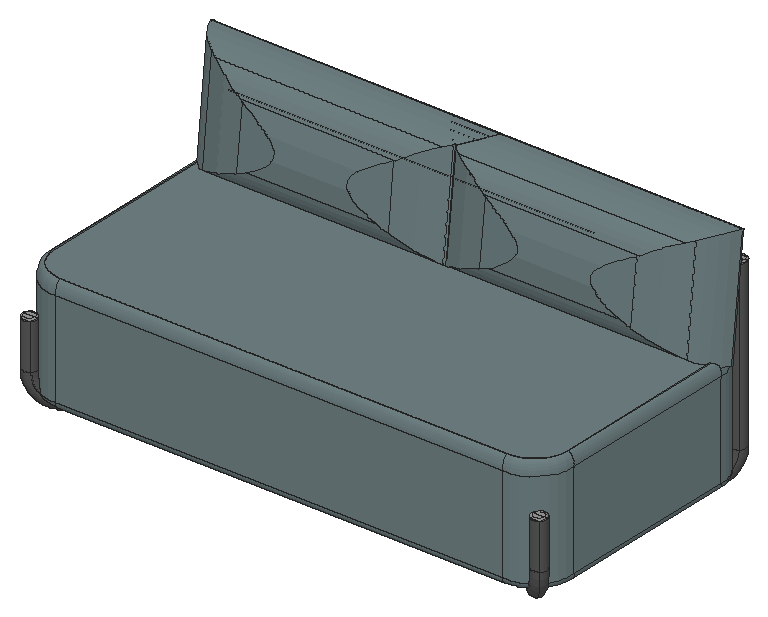
Revit family "FU_Modular_Sandler_Cosmo 1506", category Furniture, Revit 2020
Family settings
  OmniClass Number = 23.40.20.00
  OmniClass Title = General Furniture and Specialties
  Work Plane-Based = No
  Always vertical = Yes
  Cut with Voids When Loaded = No
  Shared = No
  Room Calculation Point = No
Parameters (values of type "Cosmo 1506")
  Width = 1740 mm
  URL = "https://www.sandlerseating.com/product/cosmo-1506/"
  Seat [instance] = Fabric - X2 - Polygon AK002
  Model = "Cosmo 1506"
  Manufacturer = "Sandler"
  Height = 800 mm
  Frame [instance] = Metal - Paint -AL VR - Matt Jet Black
  Description = "Loveseat without armrests. Uphsoltered seat and backrest, exposed steel frame. Can be used individually or linked with other Cosmo elements as modular seating."
  Depth = 880 mm
  Default Elevation = 0 mm
Reference planes
  plane 1 "Center (Front/Back)": y = 0
  plane 2: z = 0
  plane 3 "Center (Left/Right)": x = 0
  plane 4 "Right": x = -870
  plane 5 "Left": x = 870
  plane 6 "Back": y = 440
  plane 7 "Front": y = -440
  plane 8 "Height": z = 800
  plane 9 "Seat height": z = 440
  plane 10 "Frame Base C RIGHT": z = 33.282
  plane 11 "Frame Front C RIGHT": y = -414.45
  plane 12 "Frame Back C RIGHT": y = 415.775
  plane 13 "Frame Left C FRONT": x = 845.501
  plane 14 "Frame Back Left C TOP": through (524.563, 94.979, 1200) normal (-0.7071, 0.7071, 0)
  plane 15 "Frame Front Left C TOP": through (524.497, -93.945, 1200) normal (0.7071, 0.7071, 0)
  plane 16 "Frame Right C FRONT": x = -845.501
  plane 17 "Frame Back Right C TOP": through (-524.563, 94.979, 1200) normal (-0.7071, -0.7071, 0)
  plane 18 "Frame Front Right C TOP": through (-524.497, -93.945, 1200) normal (0.7071, -0.7071, 0)
  plane 19: x = 430.068
  plane 20 "Frame Left C FRONT": x = 530.501
  plane 21 "Frame Back Left C TOP": through (209.563, 94.979, 1200) normal (-0.7071, 0.7071, 0)
  plane 22 "Frame Front Left C TOP": through (209.497, -93.945, 1200) normal (0.7071, 0.7071, 0)
  plane 23: x = 115.068
  plane 24: x = -430.068
  plane 25 "Frame Right C FRONT": x = -530.501
  plane 26 "Frame Back Right C TOP": through (-209.563, 94.979, 1200) normal (-0.7071, -0.7071, 0)
  plane 27 "Frame Front Right C TOP": through (-209.497, -93.945, 1200) normal (0.7071, -0.7071, 0)
  plane 28: x = -115.068
  plane 29: z = 290
Forms (mm)
  Sweep 1, solid, material "Metal - Paint -AL VR - Matt Jet Black" <- "Frame"
    path origin (0, 0, 33.282) x (0, -1, 0) y (1, 0, 0)
      loop
        line (319.706, 750.757) -> (73.771, 504.822)
        arc (73.771, 504.822) -> (-0.733, 473.961) -> (-75.238, 504.822) r 105.365
        line (-75.238, 504.822) -> (-321.173, 750.757)
    profile "Pro_Circles : 48mm" origin (627.789, -196.738, 33.282) x (-0.707107, -0.707107, 0) y (0, 0, 1)
      loop
        arc (-23.967, 0.067) -> (-17.014, -16.92) -> (-0.066, -23.967) r 23.901
        arc (-0.066, -23.967) -> (16.967, -16.967) -> (23.967, 0.067) r 23.901
        arc (23.967, 0.067) -> (16.92, 17.014) -> (-0.067, 23.967) r 23.9
        arc (-0.067, 23.967) -> (-16.966, 16.966) -> (-23.967, 0.067) r 23.9
  Sweep 2, solid, material "Metal - Paint -AL VR - Matt Jet Black" <- "Frame"
    path origin (215.276, 215.276, 0) x (-0.707107, 0.707107, 0) y (0, 0, 1)
      loop
        line (-754.976, 33.282) -> (-784.976, 33.282)
        arc (-784.976, 33.282) -> (-859.222, 64.036) -> (-889.976, 138.282) r 105
        line (-889.976, 138.282) -> (-889.976, 290)
    profile "Pro_Circles : 48mm" origin (759.731, -329.179, 33.282) x (0, 0, -1) y (0.707107, 0.707107, 0)
      loop
        arc (-23.967, 0.067) -> (-17.014, -16.92) -> (-0.066, -23.967) r 23.901
        arc (-0.066, -23.967) -> (16.967, -16.967) -> (23.967, 0.067) r 23.901
        arc (23.967, 0.067) -> (16.92, 17.014) -> (-0.067, 23.967) r 23.9
        arc (-0.067, 23.967) -> (-16.966, 16.966) -> (-23.967, 0.067) r 23.9
  Sweep 3, solid, material "Metal - Paint -AL VR - Matt Jet Black" <- "Frame"
    path origin (214.792, -214.792, 0) x (-0.707107, -0.707107, 0) y (0, 0, 1)
      loop
        line (-889.976, 691) -> (-889.976, 138.282)
        arc (-889.976, 138.282) -> (-859.222, 64.036) -> (-784.976, 33.282) r 105
        line (-784.976, 33.282) -> (-754.976, 33.282)
    profile "Pro_Circles : 48mm" origin (844.1, 414.516, 414.641) x (-0.707107, -0.707107, 0) y (-0.707107, 0.707107, 0)
      loop
        arc (23.967, 0.067) -> (16.966, 16.966) -> (0.067, 23.967) r 23.9
        arc (0.067, 23.967) -> (-16.92, 17.014) -> (-23.967, 0.067) r 23.9
        arc (-23.967, 0.067) -> (-16.967, -16.967) -> (0.066, -23.967) r 23.901
        arc (0.066, -23.967) -> (17.014, -16.92) -> (23.967, 0.067) r 23.901
  Sweep 4, solid, material "Metal - Paint -AL VR - Matt Jet Black" <- "Frame"
    path origin (0, 0, 33.282) x (0, -1, 0) y (-1, 0, 0)
      loop
        line (319.955, 750.508) -> (74.02, 504.573)
        arc (74.02, 504.573) -> (-0.484, 473.712) -> (-74.988, 504.573) r 105.365
        line (-74.988, 504.573) -> (-321.173, 750.757)
    profile "Pro_Circles : 48mm" origin (-627.54, -196.988, 33.282) x (-0.707107, 0.707107, 0) y (0, 0, 1)
      loop
        arc (23.967, 0.067) -> (16.966, 16.966) -> (0.067, 23.967) r 23.9
        arc (0.067, 23.967) -> (-16.92, 17.014) -> (-23.967, 0.067) r 23.9
        arc (-23.967, 0.067) -> (-16.967, -16.967) -> (0.066, -23.967) r 23.901
        arc (0.066, -23.967) -> (17.014, -16.92) -> (23.967, 0.067) r 23.901
  Sweep 5, solid, material "Metal - Paint -AL VR - Matt Jet Black" <- "Frame"
    path origin (-530.47, -99.918, 0) x (0.707107, 0.707107, 0) y (0, 0, 1)
      loop
        line (-309.498, 33.282) -> (-339.498, 33.282)
        arc (-339.498, 33.282) -> (-413.745, 64.036) -> (-444.498, 138.282) r 105
        line (-444.498, 138.282) -> (-444.498, 290)
    profile "Pro_Circles : 48mm" origin (-759.925, -329.373, 33.282) x (0, 0, 1) y (-0.707107, 0.707107, 0)
      loop
        arc (23.967, 0.067) -> (16.966, 16.966) -> (0.067, 23.967) r 23.9
        arc (0.067, 23.967) -> (-16.92, 17.014) -> (-23.967, 0.067) r 23.9
        arc (-23.967, 0.067) -> (-16.967, -16.967) -> (0.066, -23.967) r 23.901
        arc (0.066, -23.967) -> (17.014, -16.92) -> (23.967, 0.067) r 23.901
  Sweep 6, solid, material "Metal - Paint -AL VR - Matt Jet Black" <- "Frame"
    path origin (-529.587, 100.003, 0) x (0.707107, -0.707107, 0) y (0, 0, 1)
      loop
        line (-444.498, 691) -> (-444.498, 138.282)
        arc (-444.498, 138.282) -> (-413.745, 64.036) -> (-339.498, 33.282) r 105
        line (-339.498, 33.282) -> (-309.498, 33.282)
    profile "Pro_Circles : 48mm" origin (-843.895, 414.31, 414.641) x (-0.707107, 0.707107, 0) y (0.707107, 0.707107, 0)
      loop
        arc (-23.967, 0.067) -> (-17.014, -16.92) -> (-0.066, -23.967) r 23.901
        arc (-0.066, -23.967) -> (16.967, -16.967) -> (23.967, 0.067) r 23.901
        arc (23.967, 0.067) -> (16.92, 17.014) -> (-0.067, 23.967) r 23.9
        arc (-0.067, 23.967) -> (-16.966, 16.966) -> (-23.967, 0.067) r 23.9
  Sweep 7, solid, material "Metal - Paint -AL VR - Matt Jet Black" <- "Frame"
    path origin (0, 415.775, 0) x (0, 0, 1) y (1, 0, 0)
      loop
        line (667.39, -845.832) -> (667.39, 845.168)
    profile "Pro_Cosmo_Oval Tube : Pro_Cosmo_Oval Tube" origin (-0.332, 415.775, 667.39) x (0, 0, -1) y (0, 1, 0)
      loop
        arc (-10.07, 10) -> (-20.07, 0) -> (-10.07, -10) r 10
        line (-10.07, -10) -> (10.07, -10)
        arc (10.07, -10) -> (20.07, 0) -> (10.07, 10) r 10
        line (10.07, 10) -> (-10.07, 10)
  Sweep 8, solid, material "Metal - Paint -AL VR - Matt Jet Black" <- "Frame"
    path origin (0, 415.775, 0) x (0, 0, 1) y (1, 0, 0)
      loop
        line (619.39, -845.832) -> (619.39, 845.168)
    profile "Pro_Cosmo_Oval Tube : Pro_Cosmo_Oval Tube" origin (-0.332, 415.775, 619.39) x (0, 0, -1) y (0, 1, 0)
      loop
        arc (-10.07, 10) -> (-20.07, 0) -> (-10.07, -10) r 10
        line (-10.07, -10) -> (10.07, -10)
        arc (10.07, -10) -> (20.07, 0) -> (10.07, 10) r 10
        line (10.07, 10) -> (-10.07, 10)
  Sweep 9, solid, material "Metal - Paint -AL VR - Matt Jet Black" <- "Frame"
    path origin (-89.235, 440, 0) x (-1, 0, 0) y (0, 0, 1)
      loop
        line (649, 643.39) -> (-14.693, 643.39)
    profile "Pro_Circles : 20mm" origin (-406.388, 440, 643.39) x (0, 0, -1) y (0, 1, 0)
      loop
        arc (-9.967, -5.933) -> (-7.115, -13.02) -> (-0.067, -15.967) r 9.901
        arc (-0.067, -15.967) -> (7.068, -13.068) -> (9.967, -5.933) r 9.901
        arc (9.967, -5.933) -> (7.02, 1.115) -> (-0.067, 3.967) r 9.901
        arc (-0.067, 3.967) -> (-7.067, 1.067) -> (-9.967, -5.933) r 9.9
  Sweep 10, solid, material "Metal - Paint -AL VR - Matt Jet Black" <- "Frame"
    path origin (-716.516, 415.775, 0) x (0, 0, 1) y (1, 0, 0)
      loop
        line (643.39, 640.957) -> (643.39, 648.957)
    profile "Pro_Circles : 24mm" origin (-71.559, 415.775, 643.39) x (0, 0, -1) y (0, 1, 0)
      loop
        arc (-11.967, 18.567) -> (-8.529, 10.066) -> (-0.067, 6.533) r 11.901
        arc (-0.067, 6.533) -> (8.482, 10.018) -> (11.967, 18.567) r 11.901
        arc (11.967, 18.567) -> (8.434, 27.029) -> (-0.067, 30.467) r 11.901
        arc (-0.067, 30.467) -> (-8.481, 26.981) -> (-11.967, 18.567) r 11.9
  Sweep 11, solid, material "Metal - Paint -AL VR - Matt Jet Black" <- "Frame"
    path origin (-90.602, 415.775, 0) x (0, 0, 1) y (-1, 0, 0)
      loop
        line (643.39, 640.957) -> (643.39, 648.957)
    profile "Pro_Circles : 24mm" origin (-735.559, 415.775, 643.39) x (0, 0, 1) y (0, 1, 0)
      loop
        arc (11.967, 18.567) -> (8.481, 26.981) -> (0.067, 30.467) r 11.9
        arc (0.067, 30.467) -> (-8.434, 27.029) -> (-11.967, 18.567) r 11.901
        arc (-11.967, 18.567) -> (-8.482, 10.018) -> (0.067, 6.533) r 11.901
        arc (0.067, 6.533) -> (8.529, 10.066) -> (11.967, 18.567) r 11.901
  Revolve 12, solid, material "Rubber, Black"
    sketch origin (-0.781, -414.45, -400.39) x (0, 0, -1) y (1, 0, 0)
      loop
        line (-695.421, 845.33) -> (-695.421, 826.266)
        arc (-695.421, 826.266) -> (-694.22, 823.04) -> (-691.201, 821.385) r 4.933
        arc (-691.201, 821.385) -> (-690.636, 821.55) -> (-690.39, 822.086) r 0.708
        line (-690.39, 822.086) -> (-690.39, 823.836) -> (-685.421, 823.836) -> (-685.421, 845.33) -> (-695.421, 845.33)
      axis (-695.421, 845.33) -> (-685.421, 845.33)
    angle from 0 to 360
  Revolve 13, solid, material "Rubber, Black"
    sketch origin (0.781, -414.45, -400.39) x (0, 0, -1) y (-1, 0, 0)
      loop
        line (-695.421, 845.33) -> (-695.421, 826.266)
        arc (-695.421, 826.266) -> (-694.22, 823.04) -> (-691.201, 821.385) r 4.933
        arc (-691.201, 821.385) -> (-690.636, 821.55) -> (-690.39, 822.086) r 0.708
        line (-690.39, 822.086) -> (-690.39, 823.836) -> (-685.421, 823.836) -> (-685.421, 845.33) -> (-695.421, 845.33)
      axis (-695.421, 845.33) -> (-685.421, 845.33)
    angle from 0 to 360
  Revolve 14, solid, material "Rubber, Black"
    sketch origin (-0.781, 414.001, 0) x (0, 0, -1) y (-1, 0, 0)
      loop
        line (-695.421, -845.33) -> (-685.421, -845.33) -> (-685.421, -823.836) -> (-690.39, -823.836) -> (-690.39, -822.086)
        arc (-690.39, -822.086) -> (-690.636, -821.55) -> (-691.201, -821.385) r 0.708
        arc (-691.201, -821.385) -> (-694.22, -823.04) -> (-695.421, -826.266) r 4.933
        line (-695.421, -826.266) -> (-695.421, -845.33)
      axis (-695.421, -845.33) -> (-685.421, -845.33)
    angle from 0 to 360
  Revolve 15, solid, material "Rubber, Black"
    sketch origin (0.781, 414.001, 0) x (0, 0, -1) y (-1, 0, 0)
      loop
        line (-695.421, 845.33) -> (-695.421, 826.266)
        arc (-695.421, 826.266) -> (-694.22, 823.04) -> (-691.201, 821.385) r 4.933
        arc (-691.201, 821.385) -> (-690.636, 821.55) -> (-690.39, 822.086) r 0.708
        line (-690.39, 822.086) -> (-690.39, 823.836) -> (-685.421, 823.836) -> (-685.421, 845.33) -> (-695.421, 845.33)
      axis (-695.421, 845.33) -> (-685.421, 845.33)
    angle from 0 to 360
  Extrusion 16, solid, material "Rubber, Black"
    sketch origin (0, 0, 0) x (1, 0, 0) y (0, 1, 0)
      loop
        circle (699.746, 270.162) r 12.5
    from 0 to 33.282
  Extrusion 17, solid, material "Rubber, Black"
    sketch origin (0, 0, 0) x (1, 0, 0) y (0, 1, 0)
      loop
        circle (699.746, -270.162) r 12.5
    from 0 to 33.282
  Extrusion 18, solid, material "Rubber, Black"
    sketch origin (0, 0, 0) x (-1, 0, 0) y (0, -1, 0)
      loop
        circle (699.746, -270.162) r 12.5
    from 0 to 33.282
  Extrusion 19, solid, material "Rubber, Black"
    sketch origin (0, 0, 0) x (-1, 0, 0) y (0, -1, 0)
      loop
        circle (699.746, 270.162) r 12.5
    from 0 to 33.282
  Extrusion 20, solid, material "Fabric - X2 - Polygon AK002" <- "Seat"
    sketch origin (0, 0, 33.282) x (0, -1, 0) y (1, 0, 0)
      loop
        arc (-415.775, -740.667) -> (-383.557, -818.448) -> (-305.775, -850.667) r 110
        line (-305.775, -850.667) -> (304.45, -850.667)
        arc (304.45, -850.667) -> (382.232, -818.448) -> (414.45, -740.667) r 110
        line (414.45, -740.667) -> (414.45, 740.667)
        arc (414.45, 740.667) -> (382.232, 818.448) -> (304.45, 850.667) r 110
        line (304.45, 850.667) -> (-305.775, 850.667)
        arc (-305.775, 850.667) -> (-383.557, 818.448) -> (-415.775, 740.667) r 110
        line (-415.775, 740.667) -> (-415.775, -740.667)
    from 25.7 to 406.718
  Sweep 21, solid, material "Fabric - X2 - Polygon AK002" <- "Seat"
    path in 3D
      loop
        arc (-850.667, -304.45, 440) -> (-818.448, -382.232, 440) -> (-740.667, -414.45, 440) r 110
        line (-740.667, -414.45, 440) -> (740.667, -414.45, 440)
        arc (740.667, -414.45, 440) -> (818.448, -382.232, 440) -> (850.667, -304.45, 440) r 110
        line (850.667, -304.45, 440) -> (850.667, 305.775, 440)
        arc (850.667, 305.775, 440) -> (818.448, 383.557, 440) -> (740.667, 415.775, 440) r 110
        line (740.667, 415.775, 440) -> (-740.667, 415.775, 440)
        arc (-740.667, 415.775, 440) -> (-818.448, 383.557, 440) -> (-850.667, 305.775, 440) r 110
        line (-850.667, 305.775, 440) -> (-850.667, -304.45, 440)
    profile "Pro_Cosmo_SeatEdge : Pro_Cosmo_SeatEdge" origin (-850.667, 0.662, 440) x (1, 0, 0) y (0, 0, 1)
      loop
        line (-21, -42) -> (-21, -360)
        arc (-21, -360) -> (-14.849, -374.849) -> (0, -381) r 21
        line (0, -381) -> (0, 0)
        spline (0, 0) -> (-2.741, -0.359) -> (-5.435, -1.431) -> (-8.036, -3.197) -> (-10.5, -5.627) -> (-12.784, -8.679) -> (-14.849, -12.302) -> (-16.66, -16.432) -> (-18.187, -21) -> (-19.401, -25.927) -> (-20.284, -31.13) -> (-20.82, -36.518) -> (-21, -42)
  Sweep 22, solid, material "Metal - Paint -AL VR - Matt Jet Black" <- "Frame"
    path origin (89.408, 440, 0) x (1, 0, 0) y (0, 0, 1)
      loop
        line (649, 643.39) -> (-14.693, 643.39)
    profile "Pro_Circles : 20mm" origin (406.562, 440, 643.39) x (0, 0, 1) y (0, 1, 0)
      loop
        arc (9.967, -5.933) -> (7.067, 1.067) -> (0.067, 3.967) r 9.9
        arc (0.067, 3.967) -> (-7.02, 1.115) -> (-9.967, -5.933) r 9.901
        arc (-9.967, -5.933) -> (-7.068, -13.068) -> (0.067, -15.967) r 9.901
        arc (0.067, -15.967) -> (7.115, -13.02) -> (9.967, -5.933) r 9.901
  Sweep 23, solid, material "Metal - Paint -AL VR - Matt Jet Black" <- "Frame"
    path origin (716.69, 415.775, 0) x (0, 0, 1) y (-1, 0, 0)
      loop
        line (643.39, 640.957) -> (643.39, 648.957)
    profile "Pro_Circles : 24mm" origin (71.733, 415.775, 643.39) x (0, 0, 1) y (0, 1, 0)
      loop
        arc (11.967, 18.567) -> (8.481, 26.981) -> (0.067, 30.467) r 11.9
        arc (0.067, 30.467) -> (-8.434, 27.029) -> (-11.967, 18.567) r 11.901
        arc (-11.967, 18.567) -> (-8.482, 10.018) -> (0.067, 6.533) r 11.901
        arc (0.067, 6.533) -> (8.529, 10.066) -> (11.967, 18.567) r 11.901
  Sweep 24, solid, material "Metal - Paint -AL VR - Matt Jet Black" <- "Frame"
    path origin (90.776, 415.775, 0) x (0, 0, 1) y (1, 0, 0)
      loop
        line (643.39, 640.957) -> (643.39, 648.957)
    profile "Pro_Circles : 24mm" origin (735.733, 415.775, 643.39) x (0, 0, -1) y (0, 1, 0)
      loop
        arc (-11.967, 18.567) -> (-8.529, 10.066) -> (-0.067, 6.533) r 11.901
        arc (-0.067, 6.533) -> (8.482, 10.018) -> (11.967, 18.567) r 11.901
        arc (11.967, 18.567) -> (8.434, 27.029) -> (-0.067, 30.467) r 11.901
        arc (-0.067, 30.467) -> (-8.481, 26.981) -> (-11.967, 18.567) r 11.9
Cuts and joins
  joined: Sweep 9, Sweep 10, Sweep 11
Lines and regions (mm)
  sketch lines
    curve 1: line (-850.667, 305.775, 440) -> (-850.667, -304.45, 440)
    curve 2: arc (-740.667, -414.45, 440) -> (-818.448, -382.232, 440) -> (-850.667, -304.45, 440) r 110
    curve 3: line (-740.667, -414.45, 440) -> (740.667, -414.45, 440)
    curve 4: arc (850.667, -304.45, 440) -> (818.448, -382.232, 440) -> (740.667, -414.45, 440) r 110
    curve 5: line (850.667, -304.45, 440) -> (850.667, 305.775, 440)
    curve 6: arc (740.667, 415.775, 440) -> (818.448, 383.557, 440) -> (850.667, 305.775, 440) r 110
    curve 7: line (740.667, 415.775, 440) -> (-740.667, 415.775, 440)
    curve 8: arc (-850.667, 305.775, 440) -> (-818.448, 383.557, 440) -> (-740.667, 415.775, 440) r 110
Dimensions and locks
  equal spacing: plane 4 "Right", plane 3 "Center (Left/Right)", plane 5 "Left"
  "Width": plane 4 "Right" to plane 5 "Left"
  equal spacing: plane 6 "Back", plane 1 "Center (Front/Back)", plane 7 "Front"
  "Depth": plane 6 "Back" to plane 7 "Front"
  "Height": plane 8 "Height" to level
  plane 9 "Seat height" to level = 440 mm
  locked: plane 4 "Right" to plane 16 "Frame Right C FRONT" at 24.499
  locked: plane 13 "Frame Left C FRONT" to plane 5 "Left" at 24.499
  locked: plane 19 to plane 13 "Frame Left C FRONT" at 415.433
  locked: plane 16 "Frame Right C FRONT" to plane 24 at 415.433
  aligned and locked: level to plane 2
  aligned and locked: Sweep 4 sketch curve to plane 18 "Frame Front Right C TOP"
  aligned and locked: Sweep 4 sketch curve to plane 17 "Frame Back Right C TOP"
Automatic sketch dimensions
  Sweep 1 sketch curve to plane 14 "Frame Back Left C TOP" = 0 mm  (x2)
  plane 19 to Sweep 1 sketch curve = 74.754 mm
  Sweep 1 sketch curve to plane 1 "Center (Front/Back)" = 0.733 mm
  plane 1 "Center (Front/Back)" to Sweep 1 sketch curve = 73.771 mm
  Sweep 1 sketch curve to Sweep 1 sketch curve = 74.504 mm
  Sweep 1 sketch curve to plane 12 "Frame Back C RIGHT" = 94.602 mm
  Sweep 1 sketch curve to plane 11 "Frame Front C RIGHT" = 94.744 mm
  Sweep 1 sketch curve to plane 13 "Frame Left C FRONT" = 94.744 mm
  plane 10 "Frame Base C RIGHT" to Sweep 3 sketch curve = 0 mm
  plane 10 "Frame Base C RIGHT" to Sweep 3 sketch curve = 105 mm
  plane 15 "Frame Front Left C TOP" to Sweep 3 sketch curve = 585.529 mm
  Sweep 3 sketch curve to Sweep 3 sketch curve = 30 mm
  Sweep 3 sketch curve to plane 8 "Height" = 109 mm
  plane 24 to Sweep 4 sketch curve = 74.504 mm
  Sweep 4 sketch curve to plane 1 "Center (Front/Back)" = 74.02 mm
  Sweep 4 sketch curve to Sweep 4 sketch curve = 74.504 mm
  plane 12 "Frame Back C RIGHT" to Sweep 4 sketch curve = 94.602 mm
  plane 11 "Frame Front C RIGHT" to Sweep 4 sketch curve = 94.495 mm
  plane 10 "Frame Base C RIGHT" to Sweep 6 sketch curve = 0 mm
  Sweep 6 sketch curve to plane 10 "Frame Base C RIGHT" = 105 mm
  Sweep 6 sketch curve to plane 18 "Frame Front Right C TOP" = 585.239 mm
  Sweep 6 sketch curve to Sweep 6 sketch curve = 30 mm
  plane 8 "Height" to Sweep 6 sketch curve = 109 mm
  Sweep 7 sketch curve to plane 13 "Frame Left C FRONT" = 0.333 mm
  Sweep 7 sketch curve to plane 8 "Height" = 132.61 mm
  plane 16 "Frame Right C FRONT" to Sweep 7 sketch curve = 0.331 mm
  Sweep 8 sketch curve to plane 13 "Frame Left C FRONT" = 0.333 mm
  plane 9 "Seat height" to Sweep 8 sketch curve = 179.39 mm
  plane 16 "Frame Right C FRONT" to Sweep 8 sketch curve = 0.331 mm
  Sweep 9 sketch curve to plane 3 "Center (Left/Right)" = 74.542 mm
  Sweep 9 sketch curve to plane 8 "Height" = 156.61 mm
  Sweep 9 sketch curve to plane 16 "Frame Right C FRONT" = 107.266 mm
  Sweep 10 sketch curve to plane 3 "Center (Left/Right)" = 67.559 mm
  Sweep 10 sketch curve to plane 8 "Height" = 156.61 mm
  Sweep 10 sketch curve to Sweep 10 sketch curve = 8 mm
  plane 8 "Height" to Sweep 11 sketch curve = 156.61 mm
  plane 16 "Frame Right C FRONT" to Sweep 11 sketch curve = 113.942 mm
  Sweep 11 sketch curve to Sweep 11 sketch curve = 8 mm
  Revolve 12 sketch curve to plane 13 "Frame Left C FRONT" = 0.952 mm  (x2)
  Revolve 12 sketch curve to plane 8 "Height" = 504.97 mm
  Revolve 12 sketch curve to Revolve 12 sketch curve = 4.322 mm
  Revolve 12 sketch curve to Revolve 12 sketch curve = 0.611 mm
  Revolve 12 sketch curve to Revolve 12 sketch curve = 0.708 mm
  Revolve 12 sketch curve to Revolve 12 sketch curve = 4.97 mm
  Revolve 12 sketch curve to Revolve 12 sketch curve = 19.065 mm
  Revolve 12 sketch curve to Revolve 12 sketch curve = 2.43 mm
  Revolve 12 sketch curve to Revolve 12 sketch curve = 1.75 mm
  Revolve 12 sketch curve to Revolve 12 sketch curve = 7.372 mm
  Revolve 12 sketch curve to Revolve 12 sketch curve = 19.192 mm
  plane 16 "Frame Right C FRONT" to Revolve 13 sketch curve = 0.952 mm  (x2)
  plane 8 "Height" to Revolve 13 sketch curve = 504.97 mm
  Revolve 13 sketch curve to Revolve 13 sketch curve = 4.322 mm
  Revolve 13 sketch curve to Revolve 13 sketch curve = 0.611 mm
  Revolve 13 sketch curve to Revolve 13 sketch curve = 0.708 mm
  Revolve 13 sketch curve to Revolve 13 sketch curve = 4.97 mm
  Revolve 13 sketch curve to Revolve 13 sketch curve = 19.065 mm
  Revolve 13 sketch curve to Revolve 13 sketch curve = 2.43 mm
  Revolve 13 sketch curve to Revolve 13 sketch curve = 1.75 mm
  Revolve 13 sketch curve to Revolve 13 sketch curve = 7.372 mm
  Revolve 13 sketch curve to Revolve 13 sketch curve = 19.192 mm
  Revolve 14 sketch curve to plane 13 "Frame Left C FRONT" = 0.952 mm  (x2)
  Revolve 14 sketch curve to plane 8 "Height" = 104.579 mm
  Revolve 14 sketch curve to Revolve 14 sketch curve = 4.322 mm
  Revolve 14 sketch curve to Revolve 14 sketch curve = 0.611 mm
  Revolve 14 sketch curve to Revolve 14 sketch curve = 0.708 mm
  Revolve 14 sketch curve to Revolve 14 sketch curve = 4.97 mm
  Revolve 14 sketch curve to Revolve 14 sketch curve = 19.065 mm
  Revolve 14 sketch curve to Revolve 14 sketch curve = 2.43 mm
  Revolve 14 sketch curve to Revolve 14 sketch curve = 1.75 mm
  Revolve 14 sketch curve to Revolve 14 sketch curve = 7.372 mm
  Revolve 14 sketch curve to Revolve 14 sketch curve = 19.192 mm
  Revolve 15 sketch curve to plane 16 "Frame Right C FRONT" = 0.952 mm  (x2)
  Revolve 15 sketch curve to plane 8 "Height" = 104.579 mm
  Revolve 15 sketch curve to Revolve 15 sketch curve = 4.322 mm
  Revolve 15 sketch curve to Revolve 15 sketch curve = 0.611 mm
  Revolve 15 sketch curve to Revolve 15 sketch curve = 0.708 mm
  Revolve 15 sketch curve to Revolve 15 sketch curve = 4.97 mm
  Revolve 15 sketch curve to Revolve 15 sketch curve = 19.065 mm
  Revolve 15 sketch curve to Revolve 15 sketch curve = 2.43 mm
  Revolve 15 sketch curve to Revolve 15 sketch curve = 1.75 mm
  Revolve 15 sketch curve to Revolve 15 sketch curve = 7.372 mm
  Revolve 15 sketch curve to Revolve 15 sketch curve = 19.192 mm
  Extrusion 16 sketch curve to plane 14 "Frame Back Left C TOP" = 0 mm
  Extrusion 16 sketch curve to plane 12 "Frame Back C RIGHT" = 145.613 mm
  plane 13 "Frame Left C FRONT" to Extrusion 17 sketch curve = 145.755 mm
  plane 11 "Frame Front C RIGHT" to Extrusion 17 sketch curve = 144.288 mm
  Extrusion 18 sketch curve to plane 17 "Frame Back Right C TOP" = 0 mm
  plane 12 "Frame Back C RIGHT" to Extrusion 18 sketch curve = 145.613 mm
  Extrusion 19 sketch curve to plane 16 "Frame Right C FRONT" = 145.755 mm
  Extrusion 19 sketch curve to plane 11 "Frame Front C RIGHT" = 144.288 mm
  Extrusion 20 sketch curve to plane 12 "Frame Back C RIGHT" = 0 mm
  plane 11 "Frame Front C RIGHT" to Extrusion 20 sketch curve = 0 mm
  Extrusion 20 sketch curve to Extrusion 20 sketch curve = 110 mm
  plane 16 "Frame Right C FRONT" to Extrusion 20 sketch curve = 5.165 mm
  Extrusion 20 sketch curve to plane 12 "Frame Back C RIGHT" = 110 mm
  Extrusion 20 sketch curve to plane 16 "Frame Right C FRONT" = 104.835 mm
  plane 13 "Frame Left C FRONT" to Extrusion 20 sketch curve = 5.165 mm
  Extrusion 20 sketch curve to plane 11 "Frame Front C RIGHT" = 110 mm
  Sweep 22 sketch curve to plane 3 "Center (Left/Right)" = 74.715 mm
  plane 8 "Height" to Sweep 22 sketch curve = 156.61 mm
  plane 13 "Frame Left C FRONT" to Sweep 22 sketch curve = 107.093 mm
  Sweep 23 sketch curve to plane 3 "Center (Left/Right)" = 67.733 mm
  plane 8 "Height" to Sweep 23 sketch curve = 156.61 mm
  Sweep 23 sketch curve to Sweep 23 sketch curve = 8 mm
  Sweep 24 sketch curve to plane 8 "Height" = 156.61 mm
  Sweep 24 sketch curve to plane 13 "Frame Left C FRONT" = 113.768 mm
  Sweep 24 sketch curve to Sweep 24 sketch curve = 8 mm
  plane 29 to Sweep 2 sketch curve = 0 mm
  plane 10 "Frame Base C RIGHT" to Sweep 2 sketch curve = 0 mm
  plane 10 "Frame Base C RIGHT" to Sweep 2 sketch curve = 105 mm
  Sweep 2 sketch curve to plane 14 "Frame Back Left C TOP" = 586.214 mm
  Sweep 2 sketch curve to Sweep 2 sketch curve = 30 mm
  plane 29 to Sweep 5 sketch curve = 0 mm
  plane 10 "Frame Base C RIGHT" to Sweep 5 sketch curve = 0 mm
  Sweep 5 sketch curve to plane 10 "Frame Base C RIGHT" = 105 mm
  plane 17 "Frame Back Right C TOP" to Sweep 5 sketch curve = 586.488 mm
  Sweep 5 sketch curve to Sweep 5 sketch curve = 30 mm
  radius of Extrusion 16 sketch curve = 12.5 mm
  radius of Extrusion 17 sketch curve = 12.5 mm
  radius of Extrusion 18 sketch curve = 12.5 mm
  radius of Extrusion 19 sketch curve = 12.5 mm
Nested families
  nested 1: "Cosmo_Cushion_Back" at (-403.345, 320.427, 0), Cushion <- "Seat", type "Cosmo_Cushion_Back"
    with Cushion Fabric - X2 - Polygon AK002
  nested 2: "Cosmo_Cushion_Back" at (403.345, 320.427, 0) x (-1, 0, 0) z (0, 0, 1), Cushion <- "Seat", type "Cosmo_Cushion_Back"
    with Cushion Fabric - X2 - Polygon AK002
Definition of nested family "Cosmo_Cushion_Back"
  Parameters (values of type "Cosmo_Cushion_Back")
    Width = 470 mm
    Height = 895 mm
    Depth = 503 mm
    Default Elevation = 0 mm
    Cushion [instance] = none
  Reference planes
    plane 1 "Center (Front/Back)": y = 0
    plane 2: z = 0
    plane 3 "Center (Left/Right)": x = 0
    plane 4 "Right": x = -235
    plane 5 "Left": x = 235
    plane 6 "Back": y = 251.5
    plane 7 "Front": y = -251.5
    plane 8 "Height": z = 895
    plane 9 "Seat height": z = 610
  Forms (mm)
    Extrusion 1, solid, material <- "Cushion"
      sketch origin (0, -71.553, 4.157) x (0, 0.993272, -0.115804) y (0, 0.115804, 0.993272)
        loop
          arc (41.159, 812.819) -> (-14.136, 800.872) -> (-62.73, 771.909) r 174.996
          arc (-62.73, 771.909) -> (-87.968, 742.637) -> (-102.759, 706.93) r 121.741
          arc (-102.759, 706.93) -> (-120.989, 610.725) -> (-110.053, 513.42) r 328.506
          arc (-110.053, 513.42) -> (-92.656, 476.931) -> (-63.329, 449.109) r 110.825
          arc (-63.329, 449.109) -> (-12.607, 427.271) -> (42.487, 423.5) r 164.061
          arc (42.487, 423.5) -> (46.686, 425.715) -> (48.953, 429.886) r 8.201
          arc (48.953, 429.886) -> (61.044, 443.076) -> (69.891, 458.629) r 79.783
          arc (69.891, 458.629) -> (89.843, 502.541) -> (86.114, 550.63) r 96.742
          arc (86.114, 550.63) -> (72.495, 621.117) -> (78.671, 692.642) r 260.015
          arc (78.671, 692.642) -> (81, 726.495) -> (72.828, 759.429) r 109.238
          arc (72.828, 759.429) -> (63.174, 784.321) -> (47.936, 806.244) r 112.715
          arc (47.936, 806.244) -> (45.978, 811.006) -> (41.159, 812.819) r 6.452
      from -490 to 490
    Extrusion 2, void
      sketch origin (0, -71.553, 4.157) x (1, 0, 0) y (0, 0.993272, -0.115804)
        loop
          arc (-426.484, 76.363) -> (-456.97, 65.364) -> (-478.684, 41.303) r 66.755
          arc (-478.684, 41.303) -> (-447.517, -12.378) -> (-398.634, -50.633) r 164.019
          arc (-398.634, -50.633) -> (-327.352, -84.25) -> (-251.139, -104.317) r 430.737
          arc (-251.139, -104.317) -> (-125.992, -120.779) -> (0, -128.434) r 1800.959
          arc (0, -128.434) -> (125.992, -120.779) -> (251.139, -104.317) r 1800.959
          arc (251.139, -104.317) -> (327.352, -84.25) -> (398.634, -50.633) r 430.737
          arc (398.634, -50.633) -> (447.517, -12.378) -> (478.684, 41.303) r 164.019
          arc (478.684, 41.303) -> (456.97, 65.364) -> (426.484, 76.363) r 66.755
          arc (426.484, 76.363) -> (330.848, 84.495) -> (235, 89.519) r 2958.413
          arc (235, 89.519) -> (117.518, 93.011) -> (0, 94.988) r 9120.193
          arc (0, 94.988) -> (-117.518, 93.011) -> (-235, 89.519) r 9120.193
          arc (-235, 89.519) -> (-330.848, 84.495) -> (-426.484, 76.363) r 2958.413
        loop
          line (-500, 135) -> (-500, -135) -> (500, -135) -> (500, 135) -> (-500, 135)
      from 380.143 to 855.619
    Extrusion 3, solid, material <- "Cushion"
      sketch origin (0, -71.553, 4.157) x (0, 0.993272, -0.115804) y (0, 0.115804, 0.993272)
        loop
          arc (102.559, 646.805) -> (121.202, 654.681) -> (102.61, 662.676) r 11
          arc (102.61, 662.676) -> (81.213, 656.455) -> (67.34, 673.893) r 20
          line (67.34, 673.893) -> (67.34, 635.527)
          arc (67.34, 635.527) -> (81.175, 652.954) -> (102.559, 646.805) r 20
      from -328 to 328
  Cuts and joins
    Extrusion 2 cuts Extrusion 1
  Dimensions and locks
    equal spacing: plane 4 "Right", plane 3 "Center (Left/Right)", plane 5 "Left"
    "Width": plane 4 "Right" to plane 5 "Left"
    equal spacing: plane 6 "Back", plane 1 "Center (Front/Back)", plane 7 "Front"
    "Depth": plane 6 "Back" to plane 7 "Front"
    "Height": plane 8 "Height" to level
    plane 9 "Seat height" to level = 610 mm
    aligned and locked: level to plane 2
  Automatic sketch dimensions
    plane 1 "Center (Front/Back)" to Extrusion 1 sketch curve = 22.957 mm
    plane 9 "Seat height" to Extrusion 1 sketch curve = 124.85 mm
    Extrusion 1 sketch curve to Extrusion 1 sketch curve = 8.526 mm
    Extrusion 1 sketch curve to Extrusion 1 sketch curve = 22.393 mm
    Extrusion 1 sketch curve to Extrusion 1 sketch curve = 1.986 mm
    Extrusion 1 sketch curve to Extrusion 1 sketch curve = 2.433 mm
    Extrusion 1 sketch curve to Extrusion 1 sketch curve = 43.505 mm
    Extrusion 1 sketch curve to Extrusion 1 sketch curve = 28.981 mm
    Extrusion 1 sketch curve to Extrusion 1 sketch curve = 44.366 mm
    Extrusion 1 sketch curve to Extrusion 1 sketch curve = 77.833 mm
    Extrusion 1 sketch curve to Extrusion 1 sketch curve = 34.301 mm
    Extrusion 1 sketch curve to Extrusion 1 sketch curve = 157.299 mm
    Extrusion 1 sketch curve to Extrusion 1 sketch curve = 124.87 mm
    Extrusion 1 sketch curve to Extrusion 1 sketch curve = 14.43 mm
    Extrusion 1 sketch curve to Extrusion 1 sketch curve = 38.19 mm
    Extrusion 1 sketch curve to Extrusion 1 sketch curve = 40.738 mm
    Extrusion 1 sketch curve to Extrusion 1 sketch curve = 3.321 mm
    Extrusion 1 sketch curve to Extrusion 1 sketch curve = 36.374 mm
    Extrusion 1 sketch curve to Extrusion 1 sketch curve = 51.318 mm
    Extrusion 1 sketch curve to Extrusion 1 sketch curve = 44.656 mm
    Extrusion 1 sketch curve to Extrusion 1 sketch curve = 22.732 mm
    Extrusion 1 sketch curve to Extrusion 1 sketch curve = 29.289 mm
    Extrusion 1 sketch curve to Extrusion 1 sketch curve = 58.501 mm
    Extrusion 1 sketch curve to Extrusion 1 sketch curve = 74.971 mm
    Extrusion 1 sketch curve to Extrusion 1 sketch curve = 26.382 mm
    Extrusion 1 sketch curve to Extrusion 1 sketch curve = 0 mm  (x4)
    Extrusion 1 sketch curve to Extrusion 1 sketch curve = 59.886 mm
    Extrusion 1 sketch curve to Extrusion 1 sketch curve = 66.411 mm
    Extrusion 1 sketch curve to Extrusion 1 sketch curve = 1.564 mm
    Extrusion 1 sketch curve to Extrusion 1 sketch curve = 6.451 mm
    Extrusion 1 sketch curve to Extrusion 1 sketch curve = 8.03 mm
    Extrusion 1 sketch curve to Extrusion 1 sketch curve = 20.938 mm
    Extrusion 1 sketch curve to Extrusion 1 sketch curve = 24.892 mm
    Extrusion 2 sketch curve to plane 4 "Right" = 0 mm  (x2)
    Extrusion 2 sketch curve to plane 3 "Center (Left/Right)" = 0 mm  (x2)
    Extrusion 2 sketch curve to plane 5 "Left" = 0 mm  (x2)
    plane 4 "Right" to Extrusion 2 sketch curve = 88.818 mm
    Extrusion 2 sketch curve to Extrusion 2 sketch curve = 95.932 mm  (x2)
    Extrusion 2 sketch curve to Extrusion 2 sketch curve = 80.25 mm  (x2)
    Extrusion 2 sketch curve to plane 4 "Right" = 54.969 mm
    Extrusion 2 sketch curve to plane 4 "Right" = 106.934 mm
    Extrusion 2 sketch curve to plane 3 "Center (Left/Right)" = 94.655 mm
    Extrusion 2 sketch curve to plane 3 "Center (Left/Right)" = 46.168 mm
    plane 3 "Center (Left/Right)" to Extrusion 2 sketch curve = 46.168 mm
    plane 3 "Center (Left/Right)" to Extrusion 2 sketch curve = 94.655 mm
    plane 5 "Left" to Extrusion 2 sketch curve = 106.934 mm
    plane 5 "Left" to Extrusion 2 sketch curve = 54.969 mm
    Extrusion 2 sketch curve to plane 5 "Left" = 88.818 mm
    Extrusion 2 sketch curve to Extrusion 2 sketch curve = 0 mm  (x6)
    Extrusion 2 sketch curve to Extrusion 2 sketch curve = 6157.753 mm
    Extrusion 2 sketch curve to Extrusion 2 sketch curve = 224.519 mm
    Extrusion 2 sketch curve to Extrusion 2 sketch curve = 144.948 mm  (x2)
    Extrusion 2 sketch curve to Extrusion 2 sketch curve = 5.809 mm  (x2)
    Extrusion 2 sketch curve to Extrusion 2 sketch curve = 58.637 mm
    Extrusion 2 sketch curve to Extrusion 2 sketch curve = 230.991 mm  (x2)
    Extrusion 2 sketch curve to Extrusion 2 sketch curve = 1351.421 mm
    plane 4 "Right" to Extrusion 2 sketch curve = 16.139 mm
    Extrusion 2 sketch curve to Extrusion 2 sketch curve = 21.116 mm  (x2)
    plane 9 "Seat height" to Extrusion 3 sketch curve = 55.718 mm
    Extrusion 3 sketch curve to plane 1 "Center (Front/Back)" = 73.374 mm
    Extrusion 3 sketch curve to Extrusion 3 sketch curve = 19.934 mm  (x2)
    Extrusion 3 sketch curve to Extrusion 3 sketch curve = 22.928 mm
    Extrusion 3 sketch curve to Extrusion 3 sketch curve = 19.177 mm
    Extrusion 3 sketch curve to Extrusion 3 sketch curve = 38.366 mm
    Extrusion 3 sketch curve to Extrusion 3 sketch curve = 1.621 mm  (x2)
    Extrusion 3 sketch curve to Extrusion 3 sketch curve = 7.643 mm
